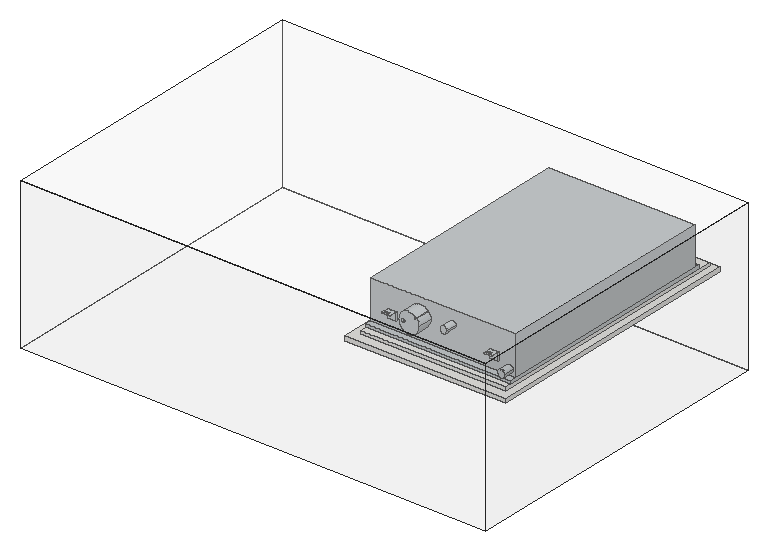
Revit family "pm-rp40_80fa22_50hz", category 機械設備, Revit 2023
Family settings
  丸型コネクタ寸法 = 直径を使用
  パーツ タイプ = 標準
  OmniClass 番号 = 23.75.10.24.21.27.27
  OmniClass タイトル = Split System Air Conditioning Units
  作業面ベース = いいえ
  常に垂直 = はい
  ロード時にボイドで切り取り = いいえ
  注釈の向きを維持 = いいえ
  共有 = いいえ
  部屋計算ポイント = はい
Parameters (values of type "PM-RP45FA22")
  風量_静 (㎥/min) = 11
  風量_強 (㎥/min) = 15
  風量_弱 (㎥/min) = 12
  風量_中 (㎥/min) = 14
  風量 = MAX風量  # 900.0 m³/h
  音響パワーレベル(dB) = [音響パワーレベル_強 (dB)]  # 55
  音響パワーレベル_静 (dB) = 47
  音響パワーレベル_強 (dB) = 55
  音響パワーレベル_弱 (dB) = 50
  音響パワーレベル_中 (dB) = 52
  電源種別 = ""
  電源_H = 60 mm
  電圧 = 0 V
  電動機出力_送風機 = 0.09 kW
  運転質量 = 0.00 kg
  連動 = ""
  質量 = if(製品質量 > 運転質量, 製品質量, 運転質量) * 1.2  # 37.80 kg
  負荷分類 = 3_ファン類
  製品質量_本体 = 25.00 kg
  製品質量_パネル = 6.50 kg
  構成品番 = ""
  既定の高さ = 0 mm
  ドレン管径 (外径) = 32.00 mm
  ドレン管径 = 25.00 mm
  サービススペース = yes
  【値が 0 の項目は組合せ形名にてご確認ください】 = ""
  URL = "https://www.mitsubishielectric.co.jp/ldg/wink/qr/002/364728"
  説明 = "店舗・事務所用パッケージエアコン(Mr.SLIM) [本体]1方向天井カセット形"
  設計暖房能力 = 0.00 kW
  設計冷房能力_顕熱 = 0 kW
  設計冷房能力 = 0 kW
  設置方法 = "カセット形"
  記号 = ""
  製造元 = "三菱電機株式会社"
  製品質量 = 製品質量_本体 + 製品質量_パネル  # 31.50 kg
  製品出荷対象 = "国内"
  製品リリース年月 = "2026/5/11"
  製品グループ = ""
  系統 = ""
  符号 = "PAC-CK1"
  積算_科目 = "1 空気調和設備"
  積算_拾い区分 [instance] = ""
  盤記号 = ""
  発停方法 = "別売リモコン"
  特殊仕様 = ""
  火災停止 = ""
  消費電力_暖房 = 0.07 kW
  消費電力_冷房 = 0.08 kW
  消費電力 = if(消費電力_冷房 > 消費電力_暖房, 消費電力_冷房, 消費電力_暖房)  # 0.08 kW
  法定耐用年数 = "6"
  極数 = 3
  材質 = ""
  本体マテリアル = none
  有効加湿量 = 0
  暖房能力 = 4.50 kW
  形式_加湿器 = ""
  形式 = "カセット形（1方向吹出形）"
  幹線記号 = ""
  始動方式 = "インバータ"
  呼称 = "パッケージ形空気調和機_室内機"
  周波数 = 50 Hz
  吊り位置Y = 1173 mm
  吊り位置X = 510 mm
  吊りボルト_H = 117 mm
  台数_手元リモコン = ""
  台数_冷媒分岐ユニット = ""
  参照している仕様書等のバージョン = "公共建築工事標準仕様書（機械設備工事編）平成31年度版"
  加湿給水管径 = 0.00 mm
  分類コード = "50053003123010"
  分類グループ = "設備"
  冷房能力 = 4 kW
  冷媒高低圧ガス管径 = 0.00 mm
  冷媒管径符号 = "Ac"
  冷媒管径 = 100.00 mm
  冷媒液管高さ = 171 mm
  冷媒液管長さ = 72 mm
  冷媒液管径 = 6.35 mm
  冷媒ガス管高さ = 141 mm
  冷媒ガス管長さ = 72 mm
  冷媒ガス管径 = 12.70 mm
  企業コード = "108420"
  付属品_フィルター = ""
  付属品 = ""
  モデル = "PM-RP45FA22"
  パネルマテリアル = none
  ドレン管高さ = 159 mm
  コメント [instance] = ""
  Width = 724 mm
  Version = ""
  Uniclass2015Version = "Systems v1.9"
  Uniclass2015Title = "Split coil remote air cooled condensing units"
  Uniclass2015Code = "Pr_70_65_03_84"
  SpecificationReference = ""
  SpecificationDescription = ""
  S_H = 230 mm
  Revision = ""
  ProductInformation = ""
  Panel Width = 800 mm
  Panel Height = 20 mm
  Panel Depth = 1340 mm
  OmniClassCode = "23-33 17 13 11"
  MIN風量 = [風量_静 (㎥/min)] * 60.0 m³/h  # 660.0 m³/h
  MID風量2 = [風量_弱 (㎥/min)] * 60.0 m³/h  # 720.0 m³/h
  MID風量 = [風量_中 (㎥/min)] * 60.0 m³/h  # 840.0 m³/h
  MAX風量 = [風量_強 (㎥/min)] * 60.0 m³/h  # 900.0 m³/h
  IfcTypeProduct = ""
  IfcProduct = ""
  IfcExportType = "AIRCONDITIONINGUNIT"
  IfcExportAs = "IfcUnitaryEquipmentType"
  Height = 225 mm
  Depth = 1112 mm
  価格 = 0
  Clearance Top = 230 mm
  Clearance Right = 20 mm
  Clearance Left = 1500 mm
  Clearance Front = 150 mm
  Clearance Bottom = 500 mm
  Clearance Back = 150 mm
  BLCJ仕様バージョン = "2.0"
  Author = "三菱電機株式会社"
Types (8, lengths in mm): name | 風量_静 (㎥/min) | 風量_強 (㎥/min) | 風量_弱 (㎥/min) | 風量_中 (㎥/min) | 風量 | 音響パワーレベル(dB) | 音響パワーレベル_静 (dB) | 音響パワーレベル_強 (dB) | 音響パワーレベル_弱 (dB) | 音響パワーレベル_中 (dB) | 電源_H | 電動機出力_送風機 | 質量 | 製品質量_本体 | URL | 製品質量 | 消費電力_暖房 | 消費電力_冷房 | 消費電力 | 暖房能力 | 冷房能力 | 冷媒管径符号 | 冷媒液管径 | 冷媒ガス管径 | モデル | MIN風量 | MID風量2 | MID風量 | MAX風量
  PM-RP40FA22 | 11 | 15 | 12 | 14 | 900.0 m³/h | 55 | 47 | 55 | 50 | 52 | 60 | 0.09 kW | 37.80 kg | 25.00 kg | "https://www.mitsubishielectric.co.jp/ldg/wink/qr/002/364727" | 31.50 kg | 0.07 kW | 0.08 kW | 0.08 kW | 4.00 kW | 3.6 kW | "Ac" | 6.35 | 12.70 | "PM-RP40FA22" | 660.0 m³/h | 720.0 m³/h | 840.0 m³/h | 900.0 m³/h
  PM-RP45FA22 | 11 | 15 | 12 | 14 | 900.0 m³/h | 55 | 47 | 55 | 50 | 52 | 60 | 0.09 kW | 37.80 kg | 25.00 kg | "https://www.mitsubishielectric.co.jp/ldg/wink/qr/002/364728" | 31.50 kg | 0.07 kW | 0.08 kW | 0.08 kW | 4.50 kW | 4 kW | "Ac" | 6.35 | 12.70 | "PM-RP45FA22" | 660.0 m³/h | 720.0 m³/h | 840.0 m³/h | 900.0 m³/h
  PM-RP50FA22 | 11 | 15 | 12 | 14 | 900.0 m³/h | 55 | 47 | 55 | 50 | 52 | 60 | 0.09 kW | 37.80 kg | 25.00 kg | "https://www.mitsubishielectric.co.jp/ldg/wink/qr/002/364729" | 31.50 kg | 0.07 kW | 0.08 kW | 0.08 kW | 5.00 kW | 4.5 kW | "Ac" | 6.35 | 12.70 | "PM-RP50FA22" | 660.0 m³/h | 720.0 m³/h | 840.0 m³/h | 900.0 m³/h
  PM-RP56FA22 | 14 | 17 | 15 | 16 | 1020.0 m³/h | 55 | 50 | 55 | 51 | 53 | 60 | 0.095 kW | 39.00 kg | 26.00 kg | "https://www.mitsubishielectric.co.jp/ldg/wink/qr/002/364730" | 32.50 kg | 0.07 kW | 0.08 kW | 0.08 kW | 5.60 kW | 5 kW | "Ac" | 6.35 | 12.70 | "PM-RP56FA22" | 840.0 m³/h | 900.0 m³/h | 960.0 m³/h | 1020.0 m³/h
  PM-RP63FA22 | 14 | 19 | 16 | 17 | 1140.0 m³/h | 56 | 50 | 56 | 52 | 54 | 60 | 0.095 kW | 39.00 kg | 26.00 kg | "https://www.mitsubishielectric.co.jp/ldg/wink/qr/002/364731" | 32.50 kg | 0.08 kW | 0.09 kW | 0.09 kW | 6.30 kW | 5.6 kW | "Ac" | 6.35 | 12.70 | "PM-RP63FA22" | 840.0 m³/h | 960.0 m³/h | 1020.0 m³/h | 1140.0 m³/h
  PM-RP71FA22 | 14 | 20 | 16 | 18 | 1200.0 m³/h | 58 | 51 | 58 | 53 | 55 | 60 | 0.095 kW | 39.00 kg | 26.00 kg | "https://www.mitsubishielectric.co.jp/ldg/wink/qr/002/364732" | 32.50 kg | 0.09 kW | 0.10 kW | 0.10 kW | 7.10 kW | 6.3 kW | "Bd" | 9.52 | 15.88 | "PM-RP71FA22" | 840.0 m³/h | 960.0 m³/h | 1080.0 m³/h | 1200.0 m³/h
  PM-RP80FA22 | 14 | 20 | 16 | 18 | 1200.0 m³/h | 58 | 51 | 58 | 53 | 55 | 0 | 0.095 kW | 39.00 kg | 26.00 kg | "https://www.mitsubishielectric.co.jp/ldg/wink/qr/002/364733" | 32.50 kg | 0.09 kW | 0.10 kW | 0.10 kW | 8.00 kW | 7.1 kW | "Bd" | 9.52 | 15.88 | "PM-RP80FA22" | 840.0 m³/h | 960.0 m³/h | 1080.0 m³/h | 1200.0 m³/h
  PM-HRP80FA22 | 14 | 20 | 16 | 18 | 1200.0 m³/h | 59 | 51 | 59 | 53 | 55 | 0 | 0.095 kW | 40.20 kg | 27.00 kg | "https://www.mitsubishielectric.co.jp/ldg/wink/qr/002/364734" | 33.50 kg | 0.10 kW | 0.11 kW | 0.11 kW | 8.00 kW | 7.1 kW | "Bd" | 9.52 | 15.88 | "PM-HRP80FA22" | 840.0 m³/h | 960.0 m³/h | 1080.0 m³/h | 1200.0 m³/h
Reference planes
  plane 1 "中心(正面/背面)": y = 0
  plane 2: z = 0
  plane 3 "中心(左/右)": x = 0
  plane 4: x = -400
  plane 5: x = 400
  plane 6: y = 670
  plane 7: y = -670
  plane 8: z = 225
  plane 9: z = 230
  plane 10: x = -255
  plane 11: x = 255
  plane 12: y = 586.5
  plane 13: y = -586.5
  plane 14: y = 556
  plane 15: y = -556
  plane 16: x = -362
  plane 17: x = 362
  plane 18: x = -1900
  plane 19: x = 420
  plane 20: y = 820
  plane 21: y = -820
  plane 22: z = 230
  plane 23: z = -20
  plane 24: z = -520
Dimensions and locks
  equal spacing: plane 4, plane 3 "中心(左/右)", plane 5
  plane 4 to plane 5 = 800 mm
  equal spacing: plane 7, plane 1 "中心(正面/背面)", plane 6
  plane 4 to plane 10 = 145 mm
  plane 11 to plane 5 = 145 mm
  "S_H": plane 9 to level
  "吊り位置X": plane 10 to plane 11
  equal spacing: plane 10, plane 3 "中心(左/右)", plane 11
  equal spacing: plane 13, plane 1 "中心(正面/背面)", plane 12
  "吊り位置Y": plane 13 to plane 12
  equal spacing: plane 15, plane 1 "中心(正面/背面)", plane 14
  "Depth": plane 15 to plane 14
  equal spacing: plane 16, plane 3 "中心(左/右)", plane 17
  "Width": plane 16 to plane 17
  "Clearance Left": plane 18 to plane 4
  "Clearance Right": plane 5 to plane 19
  "Clearance Back": plane 6 to plane 20
  "Clearance Front": plane 21 to plane 7
  locked: level to plane 23 at 20
  "Clearance Bottom": plane 23 to plane 24
  "Clearance Top": plane 22 to level
  plane 12 to plane 6 = 83.5 mm
  plane 7 to plane 13 = 83.5 mm
  plane 7 to plane 6 = 1340 mm
  "Height": plane 8 to level
  aligned and locked: level to plane 2
  aligned and locked: plane 10 to nested 2
  aligned and locked: plane 11 to nested 2
  aligned and locked: nested 2 to plane 12
  aligned and locked: plane 13 to nested 2
  aligned and locked: plane 18 to nested 1
  aligned and locked: plane 19 to nested 1
  aligned and locked: nested 1 to plane 21
  aligned and locked: nested 1 to plane 20
  aligned and locked: plane 22 to nested 1
  aligned and locked: plane 24 to nested 1
  aligned and locked: plane 1 "中心(正面/背面)" to nested 3
  aligned and locked: nested 3 to plane 3 "中心(左/右)"
Nested families
  nested 1: "サービススペース" at (-740, 0, -145), visible <- "サービススペース", type "サービススペース", detail levels fine
    with Width 2320 mm, Height 750 mm, Depth 1640 mm
  nested 2: "固定点" at (-255, -586.5, 0), type "固定点"
    with W 510 mm, D 1173 mm
  nested 3: "PM-RP_FA" at (0, 0, 0) x (0, -1, 0) z (0, 0, 1), type "PM-RP_FA"
    with ユニット表示 yes, 液配管サイズ 6.35 mm, ガス配管サイズ 12.7 mm
Connectors
  piping at (47, -613, 159), diameter 25, driven by "ドレン管径"
    settings: on nested 3, index 1, connector inside diameter 609.60 mm, connector length 0 mm, flow factor 0, pipe flow 0.0 L/s, pressure drop 0.0 Pa, fitting loss kfactor 0, connector angle 0.00°, fixture units 0, engagement length 0 mm, angle of deflection 0.00°, flow configuration 1, flow direction 2, fitting loss method 4, system type 16, joint type 0, gender type 0, connector reference index -1, connector utility 0, adjustable connector no, is connector primary yes, connector description ""
  piping at (-113, -628, 141), diameter 100, driven by "冷媒管径", driven by "冷媒管径符号"
    settings: on nested 3, index 2, connector inside diameter 609.60 mm, connector length 0 mm, flow factor 0, pipe flow 0.0 L/s, pressure drop 0.0 Pa, fitting loss kfactor 0, connector angle 0.00°, fixture units 0, engagement length 0 mm, angle of deflection 0.00°, flow configuration 1, flow direction 1, fitting loss method 4, system type 7, joint type 0, gender type 0, connector reference index -1, connector utility 0, adjustable connector no, is connector primary no, connector description "Ac"
  electrical at (330, -606, 60), driven by "極数", driven by "負荷分類", driven by "電圧", driven by "消費電力"
    settings: on nested 3, index 3, voltage 0 V, apparent load 80 VA, apparent load phase1 0 VA, apparent load phase2 0 VA, apparent load phase3 0 VA, power factor 1, load classification "3_ファン類", number of poles 3, system type 30, power factor state 1, is connector primary yes, connector utility no, sub classification motor no, connector description ""
Definition of nested family "サービススペース"
  Parameters (values of type "サービススペース")
    Default Elevation = 0 mm
    Width [instance] = 500 mm
    Height [instance] = 500 mm
    Depth [instance] = 500 mm
  Reference planes
    plane 1 "中心(正面/背面)": y = 0
    plane 2: z = 0
    plane 3 "中心(左/右)": x = 0
    plane 4: y = -250
    plane 5: x = 250
    plane 6: y = 250
    plane 7: x = -250
    plane 8: z = 250
    plane 9: z = -250
  Forms (mm)
    Extrusion 1, solid
      sketch origin (-638.939, 0, 72.39) x (1, 0, 0) y (0, 1, 0)
        loop
          line (388.939, 250) -> (388.939, -250) -> (888.939, -250) -> (888.939, 250) -> (388.939, 250)
      from -322.39 to 177.61
  Lines and regions (mm)
    symbolic lines
      curve 1: line (-250, 0, 250) -> (250, 0, 250)
      curve 2: line (-250, 0, -250) -> (-250, 0, 250)
      curve 3: line (250, 0, -250) -> (-250, 0, -250)
      curve 4: line (250, 0, 250) -> (250, 0, -250)
      curve 5: line (0, -250, 250) -> (0, 250, 250)
      curve 6: line (0, -250, -250) -> (0, -250, 250)
      curve 7: line (0, 250, -250) -> (0, -250, -250)
      curve 8: line (0, 250, 250) -> (0, 250, -250)
      curve 9: line (-250, 250, 0) -> (250, 250, 0)
      curve 10: line (-250, -250, 0) -> (-250, 250, 0)
      curve 11: line (250, -250, 0) -> (-250, -250, 0)
      curve 12: line (250, 250, 0) -> (250, -250, 0)
  Dimensions and locks
    equal spacing: plane 7, plane 3 "中心(左/右)", plane 5
    equal spacing: plane 4, plane 1 "中心(正面/背面)", plane 6
    "Depth": plane 4 to plane 6
    "Width": plane 7 to plane 5
    equal spacing: plane 8, plane 2, plane 9
    "Height": plane 8 to plane 9
    aligned and locked: plane 9 to curve 3
    aligned and locked: plane 7 to curve 2
    aligned and locked: curve 4 to plane 5
    aligned and locked: plane 5 to Extrusion 1
    aligned and locked: Extrusion 1 to plane 7
    aligned and locked: Extrusion 1 to plane 9
    aligned and locked: plane 8 to Extrusion 1
    aligned and locked: plane 9 to curve 7
  Automatic sketch dimensions
    plane 4 to Extrusion 1 sketch curve = 0 mm
    Extrusion 1 sketch curve to plane 7 = 0 mm
    Extrusion 1 sketch curve to plane 5 = 0 mm
    plane 6 to Extrusion 1 sketch curve = 0 mm
    curve 2 to plane 8 = 0 mm
    plane 4 to curve 11 = 0 mm
    curve 11 to plane 7 = 0 mm
    curve 11 to plane 5 = 0 mm
    plane 6 to curve 10 = 0 mm
    curve 7 to plane 4 = 0 mm
    curve 7 to plane 6 = 0 mm
    curve 6 to plane 8 = 0 mm
Definition of nested family "PM-RP_FA"
  Parameters (values of type "PM-RP_FA")
    配線取出口サイズ = 36 mm
    配線取出口-Z = 60 mm
    配線取出口-Y = 32 mm
    配線取出口-X = 50 mm
    液配管サイズ = 9.5 mm
    Default Elevation = 0 mm
    冷媒ガス管径-Z2 = 141 mm
    冷媒ガス管径-Z1 = 171 mm
    A = 幅さ + 228 mm  # 1340 mm
    高さ = 225 mm
    奥行き = 724 mm
    吊りボルト_H = 117 mm
    冷媒配管 = 100 mm
    冷媒液管径-Z = 171 mm
    冷媒液管径-Y = 445 mm
    冷媒液管径-X = 72 mm
    冷媒ガス管径-Z = 141 mm
    冷媒ガス管径-Y = 505 mm
    冷媒ガス管径-X = 72 mm
    ユニット表示 [instance] = yes
    ボルトピッチ = 510 mm
    ドレン配管サイズ = 32 mm
    ドレン管径-Z = 159 mm
    ドレン管径-Y = 315 mm
    ドレン管径-X = 57 mm
    ガス配管サイズ = 15.9 mm
    D = 幅さ + 61 mm  # 1173 mm
    幅さ = 1112 mm
    B = 幅さ + 188 mm  # 1300 mm
  Reference planes
    plane 1 "中心(正面/背面)": y = 0
    plane 2: z = 0
    plane 3 "中心(左/右)": x = 0
    plane 4: x = -670
    plane 5: x = 670
    plane 6: y = 400
    plane 7: y = -400
    plane 8: z = 225
    plane 9: z = -20
    plane 10: x = -556
    plane 11: x = 556
    plane 12: y = 362
    plane 13: y = -362
    plane 14: z = 16
    plane 15: x = -650
    plane 16: x = 650
    plane 17: x = 586.5
    plane 18: x = -586.5
    plane 19: z = 32
    plane 20: x = 620
    plane 21: y = 255
    plane 22: y = -255
    plane 23: x = 628
    plane 24: y = -143
    plane 25: z = 141
    plane 26: x = 628
    plane 27: y = -83
    plane 28: x = 613
    plane 29: y = 47
    plane 30: z = 159
    plane 31: x = 606
    plane 32: y = 330
    plane 33: z = 60
    plane 34: z = 117
    plane 35: z = 115
    plane 36: z = 75
    plane 37: y = 275
    plane 38: y = 235
    plane 39: y = -235
    plane 40: y = -275
    plane 41: y = 260
    plane 42: y = 250
    plane 43: y = -250
    plane 44: y = -260
    plane 45: x = -596
    plane 46: x = 596
    plane 47: x = -558
    plane 48: x = 558
    plane 49: z = 141
    plane 50: z = 171
  Forms (mm)
    Extrusion 1, solid, visible <- "ユニット表示", detail levels fine
      sketch origin (0, 0, 0) x (1, 0, 0) y (0, 1, 0)
        loop
          line (-556, 362) -> (-556, -362) -> (556, -362) -> (556, 362) -> (-556, 362)
      from 32 to 225
    Extrusion 2, solid, visible <- "ユニット表示", detail levels fine
      sketch origin (-1437.329, -1524, 16) x (-1, 0, 0) y (0, -1, 0)
        loop
          line (-850.829, -1886) -> (-850.829, -1162) -> (-2023.829, -1162) -> (-2023.829, -1886) -> (-850.829, -1886)
      from 0 to 16
    Extrusion 3, solid, visible <- "ユニット表示", detail levels fine
      sketch origin (-1437.329, -1524, 16) x (-1, 0, 0) y (0, -1, 0)
        loop
          line (-787.329, -1886) -> (-787.329, -1162) -> (-2057.329, -1162) -> (-2057.329, -1886) -> (-787.329, -1886)
      from 0 to -16
    Extrusion 4, solid, visible <- "ユニット表示", detail levels fine
      sketch origin (556, 1296.25, 1200) x (0, 1, 0) y (0, 0, 1)
        loop
          circle (-1439.25, -1059) r 7.95
      from 0 to 72
    Extrusion 5, solid, visible <- "ユニット表示", detail levels fine
      sketch origin (556, 1296.25, 1200) x (0, 1, 0) y (0, 0, 1)
        loop
          circle (-1379.25, -1029) r 4.75
      from 0 to 72
    Extrusion 6, solid, visible <- "ユニット表示", detail levels fine
      sketch origin (556, 1296.25, 1200) x (0, 1, 0) y (0, 0, 1)
        loop
          circle (-1249.25, -1041) r 16
      from 0 to 57
    Extrusion 7, solid, visible <- "ユニット表示", detail levels fine
      sketch origin (556, 1296.25, 1200) x (0, 1, 0) y (0, 0, 1)
        loop
          circle (-966.25, -1140) r 18
      from 0 to 50
    Extrusion 8, solid, visible <- "ユニット表示", detail levels fine
      sketch origin (556, 1306.25, 1200) x (0, 1, 0) y (0, 0, 1)
        loop
          circle (-1419.25, -1059) r 50
      from 0 to 72
    Extrusion 9, solid, visible <- "ユニット表示"
      sketch origin (0, 0, 0) x (1, 0, 0) y (0, 1, 0)
        loop
          line (-670, 400) -> (-670, -400) -> (670, -400) -> (670, 400) -> (-670, 400)
      from 0 to -20
    Extrusion 10, solid, visible <- "ユニット表示", detail levels fine
      sketch origin (0, 0, 0) x (1, 0, 0) y (0, 1, 0)
        loop
          line (-581.5, 260) -> (-581.5, 250)
          arc (-581.5, 250) -> (-586.5, 245) -> (-591.5, 250) r 5
          line (-591.5, 250) -> (-596, 250) -> (-596, 235) -> (-556, 235) -> (-556, 275) -> (-596, 275) -> (-596, 260) -> (-591.5, 260)
          arc (-591.5, 260) -> (-586.5, 265) -> (-581.5, 260) r 5
        loop
          arc (581.5, 260) -> (586.5, 265) -> (591.5, 260) r 5
          line (591.5, 260) -> (596, 260) -> (596, 275) -> (556, 275) -> (556, 235) -> (596, 235) -> (596, 250) -> (591.5, 250)
          arc (591.5, 250) -> (586.5, 245) -> (581.5, 250) r 5
          line (581.5, 250) -> (581.5, 260)
        loop
          line (581.5, -260) -> (581.5, -250)
          arc (581.5, -250) -> (586.5, -245) -> (591.5, -250) r 5
          line (591.5, -250) -> (596, -250) -> (596, -235) -> (556, -235) -> (556, -275) -> (596, -275) -> (596, -260) -> (591.5, -260)
          arc (591.5, -260) -> (586.5, -265) -> (581.5, -260) r 5
        loop
          arc (-581.5, -260) -> (-586.5, -265) -> (-591.5, -260) r 5
          line (-591.5, -260) -> (-596, -260) -> (-596, -275) -> (-556, -275) -> (-556, -235) -> (-596, -235) -> (-596, -250) -> (-591.5, -250)
          arc (-591.5, -250) -> (-586.5, -245) -> (-581.5, -250) r 5
          line (-581.5, -250) -> (-581.5, -260)
      from 115 to 117
    Extrusion 11, solid, visible <- "ユニット表示", detail levels fine
      sketch origin (0, 0, 0) x (1, 0, 0) y (0, 1, 0)
        loop
          line (-558, 275) -> (-558, 235) -> (-556, 235) -> (-556, 275) -> (-558, 275)
        loop
          line (556, 275) -> (556, 235) -> (558, 235) -> (558, 275) -> (556, 275)
        loop
          line (556, -235) -> (556, -275) -> (558, -275) -> (558, -235) -> (556, -235)
        loop
          line (-558, -235) -> (-558, -275) -> (-556, -275) -> (-556, -235) -> (-558, -235)
      from 75 to 115
  Dimensions and locks
    equal spacing: plane 7, plane 1 "中心(正面/背面)", plane 6
    plane 7 to plane 6 = 800 mm
    equal spacing: plane 4, plane 3 "中心(左/右)", plane 5
    "A": plane 4 to plane 5
    locked: level to plane 9 at 20
    equal spacing: plane 13, plane 1 "中心(正面/背面)", plane 12
    "奥行き": plane 13 to plane 12
    equal spacing: plane 10, plane 3 "中心(左/右)", plane 11
    "幅さ": plane 10 to plane 11
    locked: plane 14 to level at 16
    equal spacing: plane 15, plane 3 "中心(左/右)", plane 16
    "B": plane 15 to plane 16
    equal spacing: plane 18, plane 3 "中心(左/右)", plane 17
    "D": plane 18 to plane 17
    equal spacing: plane 22, plane 1 "中心(正面/背面)", plane 21
    "ボルトピッチ": plane 22 to plane 21
    "冷媒ガス管径-X": plane 11 to plane 23
    "冷媒ガス管径-Y": plane 24 to plane 12
    "冷媒液管径-X": plane 11 to plane 26
    "冷媒液管径-Y": plane 27 to plane 12
    "ドレン管径-X": plane 11 to plane 28
    "ドレン管径-Y": plane 29 to plane 12
    "配線取出口-X": plane 11 to plane 31
    "配線取出口-Y": plane 32 to plane 12
    "配線取出口-Z": plane 33 to level
    "ドレン管径-Z": plane 30 to level
    "冷媒ガス管径-Z": plane 25 to level
    locked: plane 35 to plane 36 at 40
    locked: plane 34 to plane 35 at 2
    "吊りボルト_H": plane 34 to level
    plane 40 to plane 22 to plane 39 = 20 mm locked, 20 mm locked
    plane 38 to plane 21 to plane 37 = 20 mm locked, 20 mm locked
    plane 44 to plane 22 to plane 43 = 5 mm locked, 5 mm locked
    plane 42 to plane 21 to plane 41 = 5 mm locked, 5 mm locked
    locked: plane 45 to plane 10 at 40
    locked: plane 11 to plane 46 at 40
    locked: plane 11 to plane 48 at 2
    locked: plane 47 to plane 10 at 2
    plane 16 to plane 15 = 1300 mm
    plane 4 to plane 15 = 20 mm
    plane 15 to plane 10 = 94 mm
    plane 11 to plane 16 = 94 mm
    plane 12 to plane 6 = 38 mm
    locked: plane 19 to plane 14 at 16
    "高さ": plane 8 to level
    equal spacing: plane 24, Extrusion 8 sketch curve, plane 27
    plane 7 to plane 13 = 38 mm
    plane 16 to plane 5 = 20 mm
    "冷媒ガス管径-Z2": plane 49 to level
    "冷媒ガス管径-Z1": plane 50 to level
    "ガス配管サイズ": diameter of Extrusion 4 sketch curve
    "液配管サイズ": diameter of Extrusion 5 sketch curve
    "配線取出口サイズ": diameter of Extrusion 7 sketch curve
    "冷媒配管": diameter of Extrusion 8 sketch curve
    "ドレン配管サイズ": diameter of Extrusion 6 sketch curve
    aligned and locked: level to plane 2
    aligned and locked: plane 12 to Extrusion 1 sketch curve
    aligned and locked: plane 10 to Extrusion 1 sketch curve
    aligned and locked: Extrusion 1 sketch curve to plane 13
    aligned and locked: Extrusion 1 sketch curve to plane 11
    aligned and locked: plane 8 to Extrusion 1
    aligned and locked: plane 12 to Extrusion 2 sketch curve
    aligned and locked: plane 18 to Extrusion 2 sketch curve
    aligned and locked: Extrusion 2 sketch curve to plane 13
    aligned and locked: Extrusion 2 sketch curve to plane 17
    aligned and locked: plane 19 to Extrusion 2
    aligned and locked: Extrusion 1 to Extrusion 2
    aligned and locked: plane 12 to Extrusion 3 sketch curve
    aligned and locked: Extrusion 3 sketch curve to plane 13
    aligned and locked: Extrusion 3 sketch curve to plane 20
    aligned and locked: Extrusion 3 to level
    aligned and locked: plane 14 to Extrusion 3
    aligned and locked: plane 24 to Extrusion 4 sketch curve
    aligned and locked: Extrusion 4 to plane 11
    aligned and locked: plane 23 to Extrusion 4
    aligned and locked: plane 27 to Extrusion 5 sketch curve
    aligned and locked: plane 26 to Extrusion 5
    aligned and locked: Extrusion 5 to plane 11
    aligned and locked: plane 30 to Extrusion 6 sketch curve
    aligned and locked: plane 29 to Extrusion 6 sketch curve
    aligned and locked: Extrusion 6 to plane 11
    aligned and locked: plane 28 to Extrusion 6
    aligned and locked: plane 33 to Extrusion 7 sketch curve
    aligned and locked: plane 32 to Extrusion 7 sketch curve
    aligned and locked: Extrusion 7 to plane 11
    aligned and locked: plane 31 to Extrusion 7
    aligned and locked: plane 25 to Extrusion 8 sketch curve
    aligned and locked: Extrusion 8 to plane 11
    aligned and locked: plane 26 to Extrusion 8
    aligned and locked: level to Extrusion 9
    aligned and locked: Extrusion 9 to plane 9
    aligned and locked: Extrusion 10 sketch curve to plane 10
    aligned and locked: plane 34 to Extrusion 10
    aligned and locked: Extrusion 10 to plane 35
    aligned and locked: plane 37 to Extrusion 10 sketch curve
    aligned and locked: plane 45 to Extrusion 10 sketch curve  (x2)
    aligned and locked: Extrusion 10 sketch curve to plane 38
    aligned and locked: Extrusion 10 sketch curve to plane 42
    aligned and locked: Extrusion 10 sketch curve to plane 41
    aligned and locked: plane 41 to Extrusion 10 sketch curve  (x3)
    aligned and locked: plane 42 to Extrusion 10 sketch curve  (x3)
    aligned and locked: plane 18 to Extrusion 10 sketch curve  (x4)
    aligned and locked: plane 10 to Extrusion 10 sketch curve
    aligned and locked: Extrusion 10 sketch curve to plane 39
    aligned and locked: plane 40 to Extrusion 10 sketch curve
    aligned and locked: plane 44 to Extrusion 10 sketch curve  (x3)
    aligned and locked: plane 43 to Extrusion 10 sketch curve  (x3)
    aligned and locked: Extrusion 10 sketch curve to plane 43
    aligned and locked: Extrusion 10 sketch curve to plane 44
    aligned and locked: Extrusion 10 sketch curve to plane 45  (x2)
    aligned and locked: plane 11 to Extrusion 10 sketch curve
    aligned and locked: Extrusion 10 sketch curve to plane 46  (x2)
    aligned and locked: plane 17 to Extrusion 10 sketch curve  (x4)
    aligned and locked: Extrusion 10 sketch curve to plane 40
    aligned and locked: plane 39 to Extrusion 10 sketch curve
    aligned and locked: plane 46 to Extrusion 10 sketch curve  (x2)
    aligned and locked: plane 38 to Extrusion 10 sketch curve
    aligned and locked: Extrusion 10 sketch curve to plane 11
    aligned and locked: Extrusion 10 sketch curve to plane 37
    aligned and locked: plane 37 to Extrusion 11 sketch curve
    aligned and locked: plane 47 to Extrusion 11 sketch curve  (x2)
    aligned and locked: Extrusion 11 sketch curve to Extrusion 10  (x8)
    aligned and locked: Extrusion 11 sketch curve to plane 38
    aligned and locked: Extrusion 11 sketch curve to plane 48  (x2)
    aligned and locked: Extrusion 11 sketch curve to plane 40
    aligned and locked: plane 39 to Extrusion 11 sketch curve
    aligned and locked: Extrusion 11 to Extrusion 10
    aligned and locked: Extrusion 11 to plane 36
    aligned and locked: plane 49 to Extrusion 4 sketch curve
    aligned and locked: plane 50 to Extrusion 5 sketch curve
  Automatic sketch dimensions
    Extrusion 9 sketch curve to plane 4 = 0 mm
    Extrusion 9 sketch curve to plane 5 = 0 mm
    plane 7 to Extrusion 9 sketch curve = 0 mm
    plane 6 to Extrusion 9 sketch curve = 0 mm
    Extrusion 10 sketch curve to plane 18 = 5 mm  (x2)
    Extrusion 10 sketch curve to plane 17 = 5 mm  (x2)
    Extrusion 3 sketch curve to plane 15 = 0 mm
Definition of nested family "固定点"
  Parameters (values of type "固定点")
    Default Elevation = 0 mm
    中心円 = 20 mm
    W [instance] = 1000 mm
    D [instance] = 1000 mm
  Reference planes
    plane 1 "中心(正面/背面)": y = 0
    plane 2: z = 0
    plane 3 "中心(左/右)": x = 0
    plane 4: x = 1000
    plane 5: y = 1000
  Lines and regions (mm)
    symbolic lines, detail levels fine
      curve 1: circle (0, 1000, 0) r 10 normal (0, 0, 1)
      curve 2: circle (0, 0, 0) r 10 normal (0, 0, 1)
      curve 3: circle (1000, 1000, 0) r 10 normal (0, 0, 1)
      curve 4: circle (1000, 0, 0) r 10 normal (0, 0, 1)
      curve 5: line (-200, 1000, 0) -> (1200, 1000, 0)
      curve 6: line (-200, 0, 0) -> (1200, 0, 0)
      curve 7: line (0, 1200, 0) -> (0, -200, 0)
      curve 8: line (1000, 1200, 0) -> (1000, -200, 0)
  Dimensions and locks
    "W": plane 3 "中心(左/右)" to plane 4
    "D": plane 1 "中心(正面/背面)" to plane 5
    "中心円": diameter of curve 1
    "中心円": diameter of curve 2
    "中心円": diameter of curve 3
    "中心円": diameter of curve 4
    aligned and locked: level to plane 2
    aligned and locked: plane 5 to curve 1
    aligned and locked: plane 3 "中心(左/右)" to curve 1
    aligned and locked: plane 3 "中心(左/右)" to curve 2
    aligned and locked: plane 1 "中心(正面/背面)" to curve 2
    aligned and locked: plane 4 to curve 3
    aligned and locked: plane 5 to curve 3
    aligned and locked: plane 1 "中心(正面/背面)" to curve 4
    aligned and locked: plane 4 to curve 4
    aligned and locked: plane 1 "中心(正面/背面)" to curve 6
    aligned and locked: curve 7 to plane 3 "中心(左/右)"
    aligned and locked: curve 8 to plane 4
  Automatic sketch dimensions
    curve 5 to plane 5 = 0 mm
    curve 6 to plane 3 "中心(左/右)" = 200 mm
    curve 5 to plane 3 "中心(左/右)" = 200 mm
    curve 4 to curve 6 = 200 mm
    curve 3 to curve 5 = 200 mm
    plane 1 "中心(正面/背面)" to curve 8 = 200 mm
    plane 1 "中心(正面/背面)" to curve 7 = 200 mm
    curve 3 to curve 8 = 200 mm
    curve 1 to curve 7 = 200 mm
